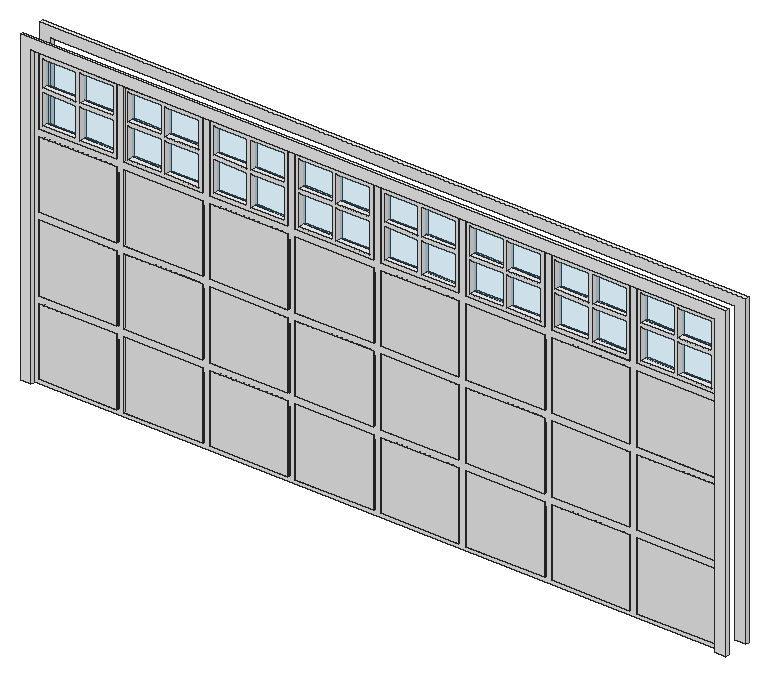
Revit family
Parameters (values of type "16039_Overhead_Panel_Garage_Door_Contemporary_1")
  Frame Projection Ext. = 0' - 1"
  Frame Projection Int. = 0' - 1"
  Frame Width = 0' - 3"
  Height = 7' - 0"
  Wall Closure = (empty or 0)
  Width = 16' - 0"
  Assembly Code = ""
Reference planes (in)
  plane 1 "Center (Front/Back)": y = 0
  plane 2 "Center (Left/Right)": x = 0
  plane 3 "Left": x = -96
  plane 4 "Right": x = 96
  plane 5 "Top": z = 84
  plane 6: x = 72
  plane 7: x = 48
  plane 8: x = 24
  plane 9: x = 0
  plane 10: x = -24
  plane 11: x = -48
  plane 12: x = -72
  plane 13: z = 63
  plane 14: z = 42
  plane 15: z = 21
  plane 16: z = 84
  plane 17: z = 0
  plane 18: z = 0
  plane 19: x = -96
Forms (in)
  Extrusion 1, solid, material "Paint - White"
    sketch origin (-90, 3, 0) x (-1, 0, 0) y (0, 0, 1)
      loop
        line (-186, 84) -> (6, 84) -> (6, 0) -> (9, 0) -> (9, 87) -> (-189, 87) -> (-189, 0) -> (-186, 0) -> (-186, 84)
    from 0 to 1
  Extrusion 2, solid, material "JOSHUA(DEFAULT)"
    sketch origin (-90, -3, 0) x (1, 0, 0) y (0, 0, 1)
      loop
        line (-6, 0) -> (-6, 84) -> (186, 84) -> (186, 0) -> (189, 0) -> (189, 87) -> (-9, 87) -> (-9, 0) -> (-6, 0)
    from 0 to 1
  Extrusion 3, solid, material "Paint - White"
    sketch origin (0, 0, 0) x (1, 0, 0) y (0, 0, 1)
      loop
        line (96, 84) -> (-96, 84) -> (-96, 0) -> (96, 0) -> (96, 84)
      loop
        line (95, 83) -> (73, 83) -> (73, 64) -> (95, 64) -> (95, 83)
      loop
        line (71, 83) -> (49, 83) -> (49, 64) -> (71, 64) -> (71, 83)
      loop
        line (47, 83) -> (25, 83) -> (25, 64) -> (47, 64) -> (47, 83)
      loop
        line (23, 83) -> (1, 83) -> (1, 64) -> (23, 64) -> (23, 83)
      loop
        line (-1, 83) -> (-23, 83) -> (-23, 64) -> (-1, 64) -> (-1, 83)
      loop
        line (-25, 83) -> (-47, 83) -> (-47, 64) -> (-25, 64) -> (-25, 83)
      loop
        line (-49, 83) -> (-71, 83) -> (-71, 64) -> (-49, 64) -> (-49, 83)
      loop
        line (-73, 83) -> (-95, 83) -> (-95, 64) -> (-73, 64) -> (-73, 83)
      loop
        line (95, 62) -> (73, 62) -> (73, 43) -> (95, 43) -> (95, 62)
      loop
        line (95, 20) -> (73, 20) -> (73, 1) -> (95, 1) -> (95, 20)
      loop
        line (95, 41) -> (73, 41) -> (73, 22) -> (95, 22) -> (95, 41)
      loop
        line (71, 41) -> (49, 41) -> (49, 22) -> (71, 22) -> (71, 41)
      loop
        line (71, 20) -> (49, 20) -> (49, 1) -> (71, 1) -> (71, 20)
      loop
        line (71, 62) -> (49, 62) -> (49, 43) -> (71, 43) -> (71, 62)
      loop
        line (47, 62) -> (25, 62) -> (25, 43) -> (47, 43) -> (47, 62)
      loop
        line (47, 41) -> (25, 41) -> (25, 22) -> (47, 22) -> (47, 41)
      loop
        line (47, 20) -> (25, 20) -> (25, 1) -> (47, 1) -> (47, 20)
      loop
        line (23, 62) -> (1, 62) -> (1, 43) -> (23, 43) -> (23, 62)
      loop
        line (23, 41) -> (1, 41) -> (1, 22) -> (23, 22) -> (23, 41)
      loop
        line (23, 20) -> (1, 20) -> (1, 1) -> (23, 1) -> (23, 20)
      loop
        line (-1, 62) -> (-23, 62) -> (-23, 43) -> (-1, 43) -> (-1, 62)
      loop
        line (-25, 41) -> (-47, 41) -> (-47, 22) -> (-25, 22) -> (-25, 41)
      loop
        line (-49, 20) -> (-71, 20) -> (-71, 1) -> (-49, 1) -> (-49, 20)
      loop
        line (-49, 62) -> (-71, 62) -> (-71, 43) -> (-49, 43) -> (-49, 62)
      loop
        line (-73, 62) -> (-95, 62) -> (-95, 43) -> (-73, 43) -> (-73, 62)
      loop
        line (-73, 41) -> (-95, 41) -> (-95, 22) -> (-73, 22) -> (-73, 41)
      loop
        line (-73, 20) -> (-95, 20) -> (-95, 1) -> (-73, 1) -> (-73, 20)
      loop
        line (-49, 41) -> (-71, 41) -> (-71, 22) -> (-49, 22) -> (-49, 41)
      loop
        line (-25, 62) -> (-47, 62) -> (-47, 43) -> (-25, 43) -> (-25, 62)
      loop
        line (-1, 41) -> (-23, 41) -> (-23, 22) -> (-1, 22) -> (-1, 41)
      loop
        line (-25, 20) -> (-47, 20) -> (-47, 1) -> (-25, 1) -> (-25, 20)
      loop
        line (-23, 20) -> (-23, 1) -> (-1, 1) -> (-1, 20) -> (-23, 20)
    from 2.5 to 0
  Blend 4, solid, material "Paint - White"
    base sketch origin (0, 0, 0) x (1, 0, 0) y (0, 0, 1)
      loop
        line (95, 62) -> (73, 62) -> (73, 43) -> (95, 43) -> (95, 62)
    top sketch origin (0, 0, 0) x (1, 0, 0) y (0, 0, 1)
      loop
        line (94, 61) -> (74, 61) -> (74, 44) -> (94, 44) -> (94, 61)
    from 2 to 0.5
  Extrusion 5, solid, material "Paint - White"
    sketch origin (0, 0, 0) x (1, 0, 0) y (0, 0, 1)
      loop
        line (95, 62) -> (73, 62) -> (73, 43) -> (95, 43) -> (95, 62)
    from 2 to 2.5
  Blend 6, solid, material "Paint - White"
    base sketch origin (-24, 0, 0) x (1, 0, 0) y (0, 0, 1)
      loop
        line (95, 62) -> (73, 62) -> (73, 43) -> (95, 43) -> (95, 62)
    top sketch origin (-24, 0, 0) x (1, 0, 0) y (0, 0, 1)
      loop
        line (94, 61) -> (74, 61) -> (74, 44) -> (94, 44) -> (94, 61)
    from 2 to 0.5
  Extrusion 7, solid, material "Paint - White"
    sketch origin (-24, 0, 0) x (1, 0, 0) y (0, 0, 1)
      loop
        line (95, 62) -> (73, 62) -> (73, 43) -> (95, 43) -> (95, 62)
    from 2 to 2.5
  Blend 8, solid, material "Paint - White"
    base sketch origin (-48, 0, 0) x (1, 0, 0) y (0, 0, 1)
      loop
        line (95, 62) -> (73, 62) -> (73, 43) -> (95, 43) -> (95, 62)
    top sketch origin (-48, 0, 0) x (1, 0, 0) y (0, 0, 1)
      loop
        line (94, 61) -> (74, 61) -> (74, 44) -> (94, 44) -> (94, 61)
    from 2 to 0.5
  Extrusion 9, solid, material "Paint - White"
    sketch origin (-48, 0, 0) x (1, 0, 0) y (0, 0, 1)
      loop
        line (95, 62) -> (73, 62) -> (73, 43) -> (95, 43) -> (95, 62)
    from 2 to 2.5
  Blend 10, solid, material "Paint - White"
    base sketch origin (-72, 0, 0) x (1, 0, 0) y (0, 0, 1)
      loop
        line (95, 62) -> (73, 62) -> (73, 43) -> (95, 43) -> (95, 62)
    top sketch origin (-72, 0, 0) x (1, 0, 0) y (0, 0, 1)
      loop
        line (94, 61) -> (74, 61) -> (74, 44) -> (94, 44) -> (94, 61)
    from 2 to 0.5
  Extrusion 11, solid, material "Paint - White"
    sketch origin (-72, 0, 0) x (1, 0, 0) y (0, 0, 1)
      loop
        line (95, 62) -> (73, 62) -> (73, 43) -> (95, 43) -> (95, 62)
    from 2 to 2.5
  Blend 12, solid, material "Paint - White"
    base sketch origin (-96, 0, 0) x (1, 0, 0) y (0, 0, 1)
      loop
        line (95, 62) -> (73, 62) -> (73, 43) -> (95, 43) -> (95, 62)
    top sketch origin (-96, 0, 0) x (1, 0, 0) y (0, 0, 1)
      loop
        line (94, 61) -> (74, 61) -> (74, 44) -> (94, 44) -> (94, 61)
    from 2 to 0.5
  Extrusion 13, solid, material "Paint - White"
    sketch origin (-96, 0, 0) x (1, 0, 0) y (0, 0, 1)
      loop
        line (95, 62) -> (73, 62) -> (73, 43) -> (95, 43) -> (95, 62)
    from 2 to 2.5
  Blend 14, solid, material "Paint - White"
    base sketch origin (-120, 0, 0) x (1, 0, 0) y (0, 0, 1)
      loop
        line (95, 62) -> (73, 62) -> (73, 43) -> (95, 43) -> (95, 62)
    top sketch origin (-120, 0, 0) x (1, 0, 0) y (0, 0, 1)
      loop
        line (94, 61) -> (74, 61) -> (74, 44) -> (94, 44) -> (94, 61)
    from 2 to 0.5
  Extrusion 15, solid, material "Paint - White"
    sketch origin (-120, 0, 0) x (1, 0, 0) y (0, 0, 1)
      loop
        line (95, 62) -> (73, 62) -> (73, 43) -> (95, 43) -> (95, 62)
    from 2 to 2.5
  Blend 16, solid, material "Paint - White"
    base sketch origin (-144, 0, 0) x (1, 0, 0) y (0, 0, 1)
      loop
        line (95, 62) -> (73, 62) -> (73, 43) -> (95, 43) -> (95, 62)
    top sketch origin (-144, 0, 0) x (1, 0, 0) y (0, 0, 1)
      loop
        line (94, 61) -> (74, 61) -> (74, 44) -> (94, 44) -> (94, 61)
    from 2 to 0.5
  Extrusion 17, solid, material "Paint - White"
    sketch origin (-144, 0, 0) x (1, 0, 0) y (0, 0, 1)
      loop
        line (95, 62) -> (73, 62) -> (73, 43) -> (95, 43) -> (95, 62)
    from 2 to 2.5
  Blend 18, solid, material "Paint - White"
    base sketch origin (0, 0, -21) x (1, 0, 0) y (0, 0, 1)
      loop
        line (95, 62) -> (73, 62) -> (73, 43) -> (95, 43) -> (95, 62)
    top sketch origin (0, 0, -21) x (1, 0, 0) y (0, 0, 1)
      loop
        line (94, 61) -> (74, 61) -> (74, 44) -> (94, 44) -> (94, 61)
    from 2 to 0.5
  Extrusion 19, solid, material "Paint - White"
    sketch origin (0, 0, -21) x (1, 0, 0) y (0, 0, 1)
      loop
        line (95, 62) -> (73, 62) -> (73, 43) -> (95, 43) -> (95, 62)
    from 2 to 2.5
  Blend 20, solid, material "Paint - White"
    base sketch origin (0, 0, -42) x (1, 0, 0) y (0, 0, 1)
      loop
        line (95, 62) -> (73, 62) -> (73, 43) -> (95, 43) -> (95, 62)
    top sketch origin (0, 0, -42) x (1, 0, 0) y (0, 0, 1)
      loop
        line (94, 61) -> (74, 61) -> (74, 44) -> (94, 44) -> (94, 61)
    from 2 to 0.5
  Extrusion 21, solid, material "Paint - White"
    sketch origin (0, 0, -42) x (1, 0, 0) y (0, 0, 1)
      loop
        line (95, 62) -> (73, 62) -> (73, 43) -> (95, 43) -> (95, 62)
    from 2 to 2.5
  Blend 22, solid, material "Paint - White"
    base sketch origin (-24, 0, -21) x (1, 0, 0) y (0, 0, 1)
      loop
        line (95, 62) -> (73, 62) -> (73, 43) -> (95, 43) -> (95, 62)
    top sketch origin (-24, 0, -21) x (1, 0, 0) y (0, 0, 1)
      loop
        line (94, 61) -> (74, 61) -> (74, 44) -> (94, 44) -> (94, 61)
    from 2 to 0.5
  Extrusion 23, solid, material "Paint - White"
    sketch origin (-24, 0, -21) x (1, 0, 0) y (0, 0, 1)
      loop
        line (95, 62) -> (73, 62) -> (73, 43) -> (95, 43) -> (95, 62)
    from 2 to 2.5
  Blend 24, solid, material "Paint - White"
    base sketch origin (-24, 0, -42) x (1, 0, 0) y (0, 0, 1)
      loop
        line (95, 62) -> (73, 62) -> (73, 43) -> (95, 43) -> (95, 62)
    top sketch origin (-24, 0, -42) x (1, 0, 0) y (0, 0, 1)
      loop
        line (94, 61) -> (74, 61) -> (74, 44) -> (94, 44) -> (94, 61)
    from 2 to 0.5
  Extrusion 25, solid, material "Paint - White"
    sketch origin (-24, 0, -42) x (1, 0, 0) y (0, 0, 1)
      loop
        line (95, 62) -> (73, 62) -> (73, 43) -> (95, 43) -> (95, 62)
    from 2 to 2.5
  Blend 26, solid, material "Paint - White"
    base sketch origin (-48, 0, -21) x (1, 0, 0) y (0, 0, 1)
      loop
        line (95, 62) -> (73, 62) -> (73, 43) -> (95, 43) -> (95, 62)
    top sketch origin (-48, 0, -21) x (1, 0, 0) y (0, 0, 1)
      loop
        line (94, 61) -> (74, 61) -> (74, 44) -> (94, 44) -> (94, 61)
    from 2 to 0.5
  Extrusion 27, solid, material "Paint - White"
    sketch origin (-48, 0, -21) x (1, 0, 0) y (0, 0, 1)
      loop
        line (95, 62) -> (73, 62) -> (73, 43) -> (95, 43) -> (95, 62)
    from 2 to 2.5
  Blend 28, solid, material "Paint - White"
    base sketch origin (-48, 0, -42) x (1, 0, 0) y (0, 0, 1)
      loop
        line (95, 62) -> (73, 62) -> (73, 43) -> (95, 43) -> (95, 62)
    top sketch origin (-48, 0, -42) x (1, 0, 0) y (0, 0, 1)
      loop
        line (94, 61) -> (74, 61) -> (74, 44) -> (94, 44) -> (94, 61)
    from 2 to 0.5
  Extrusion 29, solid, material "Paint - White"
    sketch origin (-48, 0, -42) x (1, 0, 0) y (0, 0, 1)
      loop
        line (95, 62) -> (73, 62) -> (73, 43) -> (95, 43) -> (95, 62)
    from 2 to 2.5
  Blend 30, solid, material "Paint - White"
    base sketch origin (-72, 0, -21) x (1, 0, 0) y (0, 0, 1)
      loop
        line (95, 62) -> (73, 62) -> (73, 43) -> (95, 43) -> (95, 62)
    top sketch origin (-72, 0, -21) x (1, 0, 0) y (0, 0, 1)
      loop
        line (94, 61) -> (74, 61) -> (74, 44) -> (94, 44) -> (94, 61)
    from 2 to 0.5
  Extrusion 31, solid, material "Paint - White"
    sketch origin (-72, 0, -21) x (1, 0, 0) y (0, 0, 1)
      loop
        line (95, 62) -> (73, 62) -> (73, 43) -> (95, 43) -> (95, 62)
    from 2 to 2.5
  Blend 32, solid, material "Paint - White"
    base sketch origin (-72, 0, -42) x (1, 0, 0) y (0, 0, 1)
      loop
        line (95, 62) -> (73, 62) -> (73, 43) -> (95, 43) -> (95, 62)
    top sketch origin (-72, 0, -42) x (1, 0, 0) y (0, 0, 1)
      loop
        line (94, 61) -> (74, 61) -> (74, 44) -> (94, 44) -> (94, 61)
    from 2 to 0.5
  Extrusion 33, solid, material "Paint - White"
    sketch origin (-72, 0, -42) x (1, 0, 0) y (0, 0, 1)
      loop
        line (95, 62) -> (73, 62) -> (73, 43) -> (95, 43) -> (95, 62)
    from 2 to 2.5
  Blend 34, solid, material "Paint - White"
    base sketch origin (-96, 0, -21) x (1, 0, 0) y (0, 0, 1)
      loop
        line (95, 62) -> (73, 62) -> (73, 43) -> (95, 43) -> (95, 62)
    top sketch origin (-96, 0, -21) x (1, 0, 0) y (0, 0, 1)
      loop
        line (94, 61) -> (74, 61) -> (74, 44) -> (94, 44) -> (94, 61)
    from 2 to 0.5
  Extrusion 35, solid, material "Paint - White"
    sketch origin (-96, 0, -21) x (1, 0, 0) y (0, 0, 1)
      loop
        line (95, 62) -> (73, 62) -> (73, 43) -> (95, 43) -> (95, 62)
    from 2 to 2.5
  Blend 36, solid, material "Paint - White"
    base sketch origin (-96, 0, -42) x (1, 0, 0) y (0, 0, 1)
      loop
        line (95, 62) -> (73, 62) -> (73, 43) -> (95, 43) -> (95, 62)
    top sketch origin (-96, 0, -42) x (1, 0, 0) y (0, 0, 1)
      loop
        line (94, 61) -> (74, 61) -> (74, 44) -> (94, 44) -> (94, 61)
    from 2 to 0.5
  Extrusion 37, solid, material "Paint - White"
    sketch origin (-96, 0, -42) x (1, 0, 0) y (0, 0, 1)
      loop
        line (95, 62) -> (73, 62) -> (73, 43) -> (95, 43) -> (95, 62)
    from 2 to 2.5
  Blend 38, solid, material "Paint - White"
    base sketch origin (-120, 0, -21) x (1, 0, 0) y (0, 0, 1)
      loop
        line (95, 62) -> (73, 62) -> (73, 43) -> (95, 43) -> (95, 62)
    top sketch origin (-120, 0, -21) x (1, 0, 0) y (0, 0, 1)
      loop
        line (94, 61) -> (74, 61) -> (74, 44) -> (94, 44) -> (94, 61)
    from 2 to 0.5
  Extrusion 39, solid, material "Paint - White"
    sketch origin (-120, 0, -21) x (1, 0, 0) y (0, 0, 1)
      loop
        line (95, 62) -> (73, 62) -> (73, 43) -> (95, 43) -> (95, 62)
    from 2 to 2.5
  Blend 40, solid, material "Paint - White"
    base sketch origin (-120, 0, -42) x (1, 0, 0) y (0, 0, 1)
      loop
        line (95, 62) -> (73, 62) -> (73, 43) -> (95, 43) -> (95, 62)
    top sketch origin (-120, 0, -42) x (1, 0, 0) y (0, 0, 1)
      loop
        line (94, 61) -> (74, 61) -> (74, 44) -> (94, 44) -> (94, 61)
    from 2 to 0.5
  Extrusion 41, solid, material "Paint - White"
    sketch origin (-120, 0, -42) x (1, 0, 0) y (0, 0, 1)
      loop
        line (95, 62) -> (73, 62) -> (73, 43) -> (95, 43) -> (95, 62)
    from 2 to 2.5
  Blend 42, solid, material "Paint - White"
    base sketch origin (-144, 0, -21) x (1, 0, 0) y (0, 0, 1)
      loop
        line (95, 62) -> (73, 62) -> (73, 43) -> (95, 43) -> (95, 62)
    top sketch origin (-144, 0, -21) x (1, 0, 0) y (0, 0, 1)
      loop
        line (94, 61) -> (74, 61) -> (74, 44) -> (94, 44) -> (94, 61)
    from 2 to 0.5
  Extrusion 43, solid, material "Paint - White"
    sketch origin (-144, 0, -21) x (1, 0, 0) y (0, 0, 1)
      loop
        line (95, 62) -> (73, 62) -> (73, 43) -> (95, 43) -> (95, 62)
    from 2 to 2.5
  Blend 44, solid, material "Paint - White"
    base sketch origin (-144, 0, -42) x (1, 0, 0) y (0, 0, 1)
      loop
        line (95, 62) -> (73, 62) -> (73, 43) -> (95, 43) -> (95, 62)
    top sketch origin (-144, 0, -42) x (1, 0, 0) y (0, 0, 1)
      loop
        line (94, 61) -> (74, 61) -> (74, 44) -> (94, 44) -> (94, 61)
    from 2 to 0.5
  Extrusion 45, solid, material "Paint - White"
    sketch origin (-144, 0, -42) x (1, 0, 0) y (0, 0, 1)
      loop
        line (95, 62) -> (73, 62) -> (73, 43) -> (95, 43) -> (95, 62)
    from 2 to 2.5
  Blend 46, solid, material "Paint - White"
    base sketch origin (-168, 0, -21) x (1, 0, 0) y (0, 0, 1)
      loop
        line (95, 62) -> (73, 62) -> (73, 43) -> (95, 43) -> (95, 62)
    top sketch origin (-168, 0, -21) x (1, 0, 0) y (0, 0, 1)
      loop
        line (94, 61) -> (74, 61) -> (74, 44) -> (94, 44) -> (94, 61)
    from 2 to 0.5
  Extrusion 47, solid, material "Paint - White"
    sketch origin (-168, 0, -21) x (1, 0, 0) y (0, 0, 1)
      loop
        line (95, 62) -> (73, 62) -> (73, 43) -> (95, 43) -> (95, 62)
    from 2 to 2.5
  Blend 48, solid, material "Paint - White"
    base sketch origin (-168, 0, -42) x (1, 0, 0) y (0, 0, 1)
      loop
        line (95, 62) -> (73, 62) -> (73, 43) -> (95, 43) -> (95, 62)
    top sketch origin (-168, 0, -42) x (1, 0, 0) y (0, 0, 1)
      loop
        line (94, 61) -> (74, 61) -> (74, 44) -> (94, 44) -> (94, 61)
    from 2 to 0.5
  Extrusion 49, solid, material "Paint - White"
    sketch origin (-168, 0, -42) x (1, 0, 0) y (0, 0, 1)
      loop
        line (95, 62) -> (73, 62) -> (73, 43) -> (95, 43) -> (95, 62)
    from 2 to 2.5
  Blend 50, solid, material "Paint - White"
    base sketch origin (-168, 0, 0) x (1, 0, 0) y (0, 0, 1)
      loop
        line (95, 62) -> (73, 62) -> (73, 43) -> (95, 43) -> (95, 62)
    top sketch origin (-168, 0, 0) x (1, 0, 0) y (0, 0, 1)
      loop
        line (94, 61) -> (74, 61) -> (74, 44) -> (94, 44) -> (94, 61)
    from 2 to 0.5
  Extrusion 51, solid, material "Paint - White"
    sketch origin (-168, 0, 0) x (1, 0, 0) y (0, 0, 1)
      loop
        line (95, 62) -> (73, 62) -> (73, 43) -> (95, 43) -> (95, 62)
    from 2 to 2.5
  Extrusion 52, solid, material "Paint - White"
    sketch origin (0, 0, 0) x (1, 0, 0) y (0, 0, 1)
      loop
        line (95, 83) -> (73, 83) -> (73, 64) -> (95, 64) -> (95, 83)
      loop
        line (94, 65) -> (94, 73.5) -> (84.5, 73.5) -> (84.5, 65) -> (94, 65)
      loop
        line (83.5, 73.5) -> (74, 73.5) -> (74, 65) -> (83.5, 65) -> (83.5, 73.5)
      loop
        line (84.5, 74.5) -> (94, 74.5) -> (94, 82) -> (84.5, 82) -> (84.5, 74.5)
      loop
        line (83.5, 74.5) -> (83.5, 82) -> (74, 82) -> (74, 74.5) -> (83.5, 74.5)
    from 0.5 to 2.5
  Extrusion 53, solid, material "Glass"
    sketch origin (0, 0, 0) x (1, 0, 0) y (0, 0, 1)
      loop
        line (94, 74.5) -> (94, 82) -> (84.5, 82) -> (84.5, 74.5) -> (94, 74.5)
      loop
        line (83.5, 74.5) -> (83.5, 82) -> (74, 82) -> (74, 74.5) -> (83.5, 74.5)
      loop
        line (94, 65) -> (94, 73.5) -> (84.5, 73.5) -> (84.5, 65) -> (94, 65)
      loop
        line (83.5, 65) -> (83.5, 73.5) -> (74, 73.5) -> (74, 65) -> (83.5, 65)
    from 1 to 1.25
  Extrusion 54, solid, material "Paint - White"
    sketch origin (-24, 0, 0) x (1, 0, 0) y (0, 0, 1)
      loop
        line (95, 83) -> (73, 83) -> (73, 64) -> (95, 64) -> (95, 83)
      loop
        line (94, 65) -> (94, 73.5) -> (84.5, 73.5) -> (84.5, 65) -> (94, 65)
      loop
        line (83.5, 73.5) -> (74, 73.5) -> (74, 65) -> (83.5, 65) -> (83.5, 73.5)
      loop
        line (84.5, 74.5) -> (94, 74.5) -> (94, 82) -> (84.5, 82) -> (84.5, 74.5)
      loop
        line (83.5, 74.5) -> (83.5, 82) -> (74, 82) -> (74, 74.5) -> (83.5, 74.5)
    from 0.5 to 2.5
  Extrusion 55, solid, material "Glass"
    sketch origin (-24, 0, 0) x (1, 0, 0) y (0, 0, 1)
      loop
        line (94, 74.5) -> (94, 82) -> (84.5, 82) -> (84.5, 74.5) -> (94, 74.5)
      loop
        line (83.5, 74.5) -> (83.5, 82) -> (74, 82) -> (74, 74.5) -> (83.5, 74.5)
      loop
        line (94, 65) -> (94, 73.5) -> (84.5, 73.5) -> (84.5, 65) -> (94, 65)
      loop
        line (83.5, 65) -> (83.5, 73.5) -> (74, 73.5) -> (74, 65) -> (83.5, 65)
    from 1 to 1.25
  Extrusion 56, solid, material "Paint - White"
    sketch origin (-48, 0, 0) x (1, 0, 0) y (0, 0, 1)
      loop
        line (95, 83) -> (73, 83) -> (73, 64) -> (95, 64) -> (95, 83)
      loop
        line (94, 65) -> (94, 73.5) -> (84.5, 73.5) -> (84.5, 65) -> (94, 65)
      loop
        line (83.5, 73.5) -> (74, 73.5) -> (74, 65) -> (83.5, 65) -> (83.5, 73.5)
      loop
        line (84.5, 74.5) -> (94, 74.5) -> (94, 82) -> (84.5, 82) -> (84.5, 74.5)
      loop
        line (83.5, 74.5) -> (83.5, 82) -> (74, 82) -> (74, 74.5) -> (83.5, 74.5)
    from 0.5 to 2.5
  Extrusion 57, solid, material "Glass"
    sketch origin (-48, 0, 0) x (1, 0, 0) y (0, 0, 1)
      loop
        line (94, 74.5) -> (94, 82) -> (84.5, 82) -> (84.5, 74.5) -> (94, 74.5)
      loop
        line (83.5, 74.5) -> (83.5, 82) -> (74, 82) -> (74, 74.5) -> (83.5, 74.5)
      loop
        line (94, 65) -> (94, 73.5) -> (84.5, 73.5) -> (84.5, 65) -> (94, 65)
      loop
        line (83.5, 65) -> (83.5, 73.5) -> (74, 73.5) -> (74, 65) -> (83.5, 65)
    from 1 to 1.25
  Extrusion 58, solid, material "Paint - White"
    sketch origin (-72, 0, 0) x (1, 0, 0) y (0, 0, 1)
      loop
        line (95, 83) -> (73, 83) -> (73, 64) -> (95, 64) -> (95, 83)
      loop
        line (94, 65) -> (94, 73.5) -> (84.5, 73.5) -> (84.5, 65) -> (94, 65)
      loop
        line (83.5, 73.5) -> (74, 73.5) -> (74, 65) -> (83.5, 65) -> (83.5, 73.5)
      loop
        line (84.5, 74.5) -> (94, 74.5) -> (94, 82) -> (84.5, 82) -> (84.5, 74.5)
      loop
        line (83.5, 74.5) -> (83.5, 82) -> (74, 82) -> (74, 74.5) -> (83.5, 74.5)
    from 0.5 to 2.5
  Extrusion 59, solid, material "Glass"
    sketch origin (-72, 0, 0) x (1, 0, 0) y (0, 0, 1)
      loop
        line (94, 74.5) -> (94, 82) -> (84.5, 82) -> (84.5, 74.5) -> (94, 74.5)
      loop
        line (83.5, 74.5) -> (83.5, 82) -> (74, 82) -> (74, 74.5) -> (83.5, 74.5)
      loop
        line (94, 65) -> (94, 73.5) -> (84.5, 73.5) -> (84.5, 65) -> (94, 65)
      loop
        line (83.5, 65) -> (83.5, 73.5) -> (74, 73.5) -> (74, 65) -> (83.5, 65)
    from 1 to 1.25
  Extrusion 60, solid, material "Paint - White"
    sketch origin (-96, 0, 0) x (1, 0, 0) y (0, 0, 1)
      loop
        line (95, 83) -> (73, 83) -> (73, 64) -> (95, 64) -> (95, 83)
      loop
        line (94, 65) -> (94, 73.5) -> (84.5, 73.5) -> (84.5, 65) -> (94, 65)
      loop
        line (83.5, 73.5) -> (74, 73.5) -> (74, 65) -> (83.5, 65) -> (83.5, 73.5)
      loop
        line (84.5, 74.5) -> (94, 74.5) -> (94, 82) -> (84.5, 82) -> (84.5, 74.5)
      loop
        line (83.5, 74.5) -> (83.5, 82) -> (74, 82) -> (74, 74.5) -> (83.5, 74.5)
    from 0.5 to 2.5
  Extrusion 61, solid, material "Glass"
    sketch origin (-96, 0, 0) x (1, 0, 0) y (0, 0, 1)
      loop
        line (94, 74.5) -> (94, 82) -> (84.5, 82) -> (84.5, 74.5) -> (94, 74.5)
      loop
        line (83.5, 74.5) -> (83.5, 82) -> (74, 82) -> (74, 74.5) -> (83.5, 74.5)
      loop
        line (94, 65) -> (94, 73.5) -> (84.5, 73.5) -> (84.5, 65) -> (94, 65)
      loop
        line (83.5, 65) -> (83.5, 73.5) -> (74, 73.5) -> (74, 65) -> (83.5, 65)
    from 1 to 1.25
  Extrusion 62, solid, material "Paint - White"
    sketch origin (-120, 0, 0) x (1, 0, 0) y (0, 0, 1)
      loop
        line (95, 83) -> (73, 83) -> (73, 64) -> (95, 64) -> (95, 83)
      loop
        line (94, 65) -> (94, 73.5) -> (84.5, 73.5) -> (84.5, 65) -> (94, 65)
      loop
        line (83.5, 73.5) -> (74, 73.5) -> (74, 65) -> (83.5, 65) -> (83.5, 73.5)
      loop
        line (84.5, 74.5) -> (94, 74.5) -> (94, 82) -> (84.5, 82) -> (84.5, 74.5)
      loop
        line (83.5, 74.5) -> (83.5, 82) -> (74, 82) -> (74, 74.5) -> (83.5, 74.5)
    from 0.5 to 2.5
  Extrusion 63, solid, material "Glass"
    sketch origin (-120, 0, 0) x (1, 0, 0) y (0, 0, 1)
      loop
        line (94, 74.5) -> (94, 82) -> (84.5, 82) -> (84.5, 74.5) -> (94, 74.5)
      loop
        line (83.5, 74.5) -> (83.5, 82) -> (74, 82) -> (74, 74.5) -> (83.5, 74.5)
      loop
        line (94, 65) -> (94, 73.5) -> (84.5, 73.5) -> (84.5, 65) -> (94, 65)
      loop
        line (83.5, 65) -> (83.5, 73.5) -> (74, 73.5) -> (74, 65) -> (83.5, 65)
    from 1 to 1.25
  Extrusion 64, solid, material "Paint - White"
    sketch origin (-144, 0, 0) x (1, 0, 0) y (0, 0, 1)
      loop
        line (95, 83) -> (73, 83) -> (73, 64) -> (95, 64) -> (95, 83)
      loop
        line (94, 65) -> (94, 73.5) -> (84.5, 73.5) -> (84.5, 65) -> (94, 65)
      loop
        line (83.5, 73.5) -> (74, 73.5) -> (74, 65) -> (83.5, 65) -> (83.5, 73.5)
      loop
        line (84.5, 74.5) -> (94, 74.5) -> (94, 82) -> (84.5, 82) -> (84.5, 74.5)
      loop
        line (83.5, 74.5) -> (83.5, 82) -> (74, 82) -> (74, 74.5) -> (83.5, 74.5)
    from 0.5 to 2.5
  Extrusion 65, solid, material "Glass"
    sketch origin (-144, 0, 0) x (1, 0, 0) y (0, 0, 1)
      loop
        line (94, 74.5) -> (94, 82) -> (84.5, 82) -> (84.5, 74.5) -> (94, 74.5)
      loop
        line (83.5, 74.5) -> (83.5, 82) -> (74, 82) -> (74, 74.5) -> (83.5, 74.5)
      loop
        line (94, 65) -> (94, 73.5) -> (84.5, 73.5) -> (84.5, 65) -> (94, 65)
      loop
        line (83.5, 65) -> (83.5, 73.5) -> (74, 73.5) -> (74, 65) -> (83.5, 65)
    from 1 to 1.25
  Extrusion 66, solid, material "Paint - White"
    sketch origin (-168, 0, 0) x (1, 0, 0) y (0, 0, 1)
      loop
        line (95, 83) -> (73, 83) -> (73, 64) -> (95, 64) -> (95, 83)
      loop
        line (94, 65) -> (94, 73.5) -> (84.5, 73.5) -> (84.5, 65) -> (94, 65)
      loop
        line (83.5, 73.5) -> (74, 73.5) -> (74, 65) -> (83.5, 65) -> (83.5, 73.5)
      loop
        line (84.5, 74.5) -> (94, 74.5) -> (94, 82) -> (84.5, 82) -> (84.5, 74.5)
      loop
        line (83.5, 74.5) -> (83.5, 82) -> (74, 82) -> (74, 74.5) -> (83.5, 74.5)
    from 0.5 to 2.5
  Extrusion 67, solid, material "Glass"
    sketch origin (-168, 0, 0) x (1, 0, 0) y (0, 0, 1)
      loop
        line (94, 74.5) -> (94, 82) -> (84.5, 82) -> (84.5, 74.5) -> (94, 74.5)
      loop
        line (83.5, 74.5) -> (83.5, 82) -> (74, 82) -> (74, 74.5) -> (83.5, 74.5)
      loop
        line (94, 65) -> (94, 73.5) -> (84.5, 73.5) -> (84.5, 65) -> (94, 65)
      loop
        line (83.5, 65) -> (83.5, 73.5) -> (74, 73.5) -> (74, 65) -> (83.5, 65)
    from 1 to 1.25
Lines and regions (in)
  Opening 1
    outline origin (-90, -3, 0) x (1, 0, 0) y (0, 0, 1)
      loop
        line (-6, 0) -> (186, 0) -> (186, 84) -> (-6, 84) -> (-6, 0)
Text (in)
  text "Exterior" at (-58.67754, 27.31104, 0), in view "Ref. Level"
  text "Interior" at (-58.34764, -25.14366, 0), in view "Ref. Level"
  text "Exterior" at (0, 40.15149, 123.01588), in view "Right"
  text "Interior" at (0, -64.39139, 123.01588), in view "Right"
  text "Interior" at (0, -31.01599, 123.00693), in view "Left"
  text "Exterior" at (0, 54.57065, 123.00693), in view "Left"
